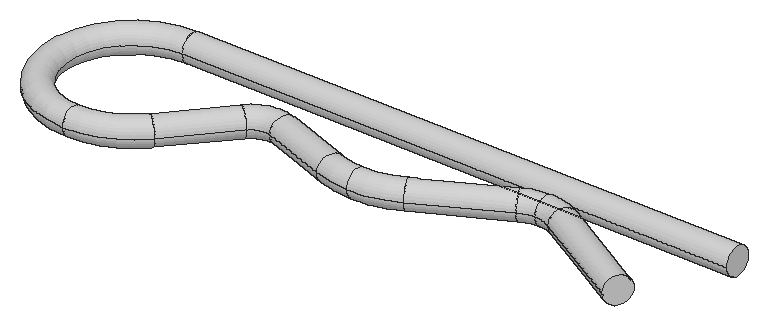
Revit family "COTTER PIN R-3_9370571", category Generic Models, Revit 2018
Family settings
  Can host rebar = No
  Round Connector Dimension = Use Diameter
  Part Type = Normal
  OmniClass Number = 35.51.14.00
  OmniClass Title = FORMWORK
  Work Plane-Based = Yes
  Always vertical = No
  Cut with Voids When Loaded = No
  Shared = Yes
  Room Calculation Point = No
Parameters
  VERSION = "20170217"  # constant formula
  URL = "www.ulmaconstruction.com/en"
  UNICLASS = ""
  Model = ""
  Manufacturer = "ULMA CONSTRUCTION"  # constant formula
  ITEM_WEIGHT = 0.02 kg
  ITEM_CODE = "9370571"
  FILTER [instance] = ""
  Default Elevation = 0 mm
  CLASSIFICATION_TITLE = ""
  CLASSIFICATION_NUMBER = ""
Reference planes
  plane 1 "Centro (Frontal/Posterior)": y = 0
  plane 2: z = 0
  plane 3 "Centro (Izquierda/Derecha)": x = 0
Forms (mm)
  Sweep 1, solid, material "ULMA ZINC", detail levels fine
    path in 3D
      loop
        line (35, 0, 0) -> (-26.559, 0, 0)
        arc (-26.559, 0, 0) -> (-35.014, -8.455, 0) -> (-26.559, -16.91, 0) r 8.455
        arc (-26.559, -16.91, 0) -> (-23, -16.124, 0) -> (-20.102, -13.914, 0) r 8.455
        line (-20.102, -13.914, 0) -> (-14.796, -7.638, 0)
        arc (-14.796, -7.638, 0) -> (-13.031, -6.522, 0) -> (-10.944, -6.618, 0) r 3.478
        line (-10.944, -6.618, 0) -> (-3.383, -9.386, 0)
        arc (-3.383, -9.386, 0) -> (-1.703, -9.839, 0) -> (0.03, -9.991, 0) r 9.926
        arc (0.03, -9.991, 0) -> (2.434, -9.696, 0) -> (4.695, -8.827, 0) r 9.926
        line (4.695, -8.827, 0) -> (13.579, -4.097, 0)
        arc (13.579, -4.097, 0) -> (14.786, -3.633, 0) -> (16.069, -3.476, 0) r 5.299
        arc (16.069, -3.476, 0) -> (17.437, -3.655, 0) -> (18.713, -4.182, 0) r 5.299
        line (18.713, -4.182, 0) -> (30.023, -10.695, 0)
    profile origin (4.22, 0, 0) x (0, -1, 0) y (0, 0, 1)
      loop
        circle (0, 0) r 1.5
Lines and regions (mm)
  reference lines
    curve 1: arc (-26.559, 0, 0) -> (-35.014, -8.455, 0) -> (-26.559, -16.91, 0) r 8.455
    curve 2: arc (-26.559, -16.91, 0) -> (-23, -16.124, 0) -> (-20.102, -13.914, 0) r 8.455
    curve 3: line (-20.102, -13.914, 0) -> (-14.796, -7.638, 0)
    curve 4: arc (-14.796, -7.638, 0) -> (-13.031, -6.522, 0) -> (-10.944, -6.618, 0) r 3.478
    curve 5: line (-10.944, -6.618, 0) -> (-3.383, -9.386, 0)
    curve 6: arc (-3.383, -9.386, 0) -> (-1.703, -9.839, 0) -> (0.03, -9.991, 0) r 9.926
    curve 7: arc (0.03, -9.991, 0) -> (2.434, -9.696, 0) -> (4.695, -8.827, 0) r 9.926
    curve 8: line (4.695, -8.827, 0) -> (13.579, -4.097, 0)
    curve 9: arc (13.579, -4.097, 0) -> (14.786, -3.633, 0) -> (16.069, -3.476, 0) r 5.299
    curve 10: arc (16.069, -3.476, 0) -> (17.437, -3.655, 0) -> (18.713, -4.182, 0) r 5.299
    curve 11: line (18.713, -4.182, 0) -> (30.023, -10.695, 0)
    curve 12: line (35, 0, 0) -> (-26.559, 0, 0)
  sketch lines
    curve 13: line (35, 0, 0) -> (-26.559, 0, 0)
    curve 14: arc (-26.559, 0, 0) -> (-35.014, -8.455, 0) -> (-26.559, -16.91, 0) r 8.455
    curve 15: arc (-26.559, -16.91, 0) -> (-23, -16.124, 0) -> (-20.102, -13.914, 0) r 8.455
    curve 16: line (-20.102, -13.914, 0) -> (-14.796, -7.638, 0)
    curve 17: arc (-14.796, -7.638, 0) -> (-13.031, -6.522, 0) -> (-10.944, -6.618, 0) r 3.478
    curve 18: line (-10.944, -6.618, 0) -> (-3.383, -9.386, 0)
    curve 19: arc (-3.383, -9.386, 0) -> (-1.703, -9.839, 0) -> (0.03, -9.991, 0) r 9.926
    curve 20: arc (0.03, -9.991, 0) -> (2.434, -9.696, 0) -> (4.695, -8.827, 0) r 9.926
    curve 21: line (4.695, -8.827, 0) -> (13.579, -4.097, 0)
    curve 22: arc (13.579, -4.097, 0) -> (14.786, -3.633, 0) -> (16.069, -3.476, 0) r 5.299
    curve 23: arc (16.069, -3.476, 0) -> (17.437, -3.655, 0) -> (18.713, -4.182, 0) r 5.299
    curve 24: line (18.713, -4.182, 0) -> (30.023, -10.695, 0)
  model lines, style "ULMA BOLT", detail levels medium
    curve 25: line (35, 0, 0) -> (-26.559, 0, 0)
    curve 26: arc (-26.559, 0, 0) -> (-35.014, -8.455, 0) -> (-26.559, -16.91, 0) r 8.455
    curve 27: arc (-26.559, -16.91, 0) -> (-23, -16.124, 0) -> (-20.102, -13.914, 0) r 8.455
    curve 28: line (-20.102, -13.914, 0) -> (-14.796, -7.638, 0)
    curve 29: arc (-14.796, -7.638, 0) -> (-13.031, -6.522, 0) -> (-10.944, -6.618, 0) r 3.478
    curve 30: line (-10.944, -6.618, 0) -> (-3.383, -9.386, 0)
    curve 31: arc (-3.383, -9.386, 0) -> (-1.703, -9.839, 0) -> (0.03, -9.991, 0) r 9.926
    curve 32: arc (0.03, -9.991, 0) -> (2.434, -9.696, 0) -> (4.695, -8.827, 0) r 9.926
    curve 33: line (4.695, -8.827, 0) -> (13.579, -4.097, 0)
    curve 34: arc (13.579, -4.097, 0) -> (14.786, -3.633, 0) -> (16.069, -3.476, 0) r 5.299
    curve 35: arc (16.069, -3.476, 0) -> (17.437, -3.655, 0) -> (18.713, -4.182, 0) r 5.299
    curve 36: line (18.713, -4.182, 0) -> (30.023, -10.695, 0)
Dimensions and locks
  aligned and locked: level to plane 2
